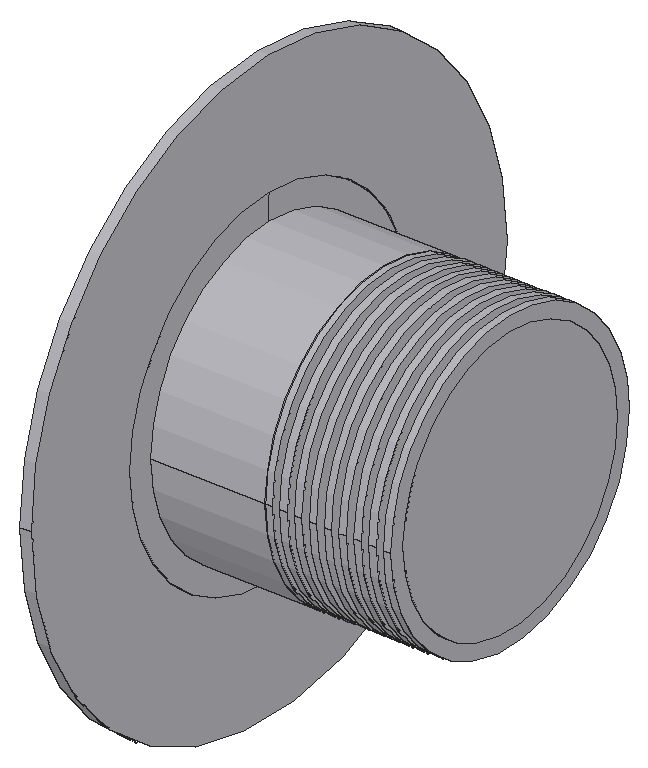
Revit family "14MPHR Clamp Rubber Hose Adapter-304", category Pipe Accessories, Revit 2018
Family settings
  Round Connector Dimension = Use Diameter
  Part Type = Valve - Breaks Into
  Work Plane-Based = No
  Always vertical = Yes
  Cut with Voids When Loaded = No
  Shared = No
Parameters (values of type "14MPHR Clamp Rubber Hose Adapter-304")
  vs2 = 0.200"  # constant formula
  vs = 0.100"  # constant formula
  void1 [instance] = size_lookup(LookupTable, "void1", 0.000", Reducd Code)  # 0.200"
  v1 = 0.093"  # constant formula
  reduced pipe radius [instance] = reduced pipe diameter / 2  # 2.000"
  reduced pipe diameter [instance] = 4.000"
  pipe radius [instance] = Nominal Diameter / 2  # 4.000"
  inset [instance] = FT1 / 2  # 0.078"
  Weight [instance] = size_lookup(LookupTable, "Weight", "NA", Reducd Code)  # "1.65 lbs."
  VR [instance] = reduced pipe radius - void1  # 1.800"
  URL = "http://www.fnw.com"
  Standards Lookup Table = "Standards"  # constant formula
  Reducd Code [instance] = Nominal 1 Code + reduced pipe diameter  # 4.000"
  R1 [instance] = size_lookup(LookupTable, "R1", 2.000", Reducd Code)  # 2.341"
  Product ID [instance] = size_lookup(LookupTable, "ProductID", "NA", Reducd Code)  # "4830497"
  Part Number [instance] = size_lookup(LookupTable, "PartNumber", "NA", Reducd Code)  # "G14MPHR74P"
  Nominal Diameter [instance] = 8"
  Nominal 1 Code [instance] = if(Nominal Diameter = 0.500", 100.000", if(Nominal Diameter = 0.750", 200.000", if(Nominal Diameter = 1.000", 300.000", if(Nominal Diameter = 1.500", 400.000", if(Nominal Diameter = 2.000", 500.000", if(Nominal Diameter = 2.500", 600.000", if(Nominal Diameter = 3.000", 700.000", if(Nominal Diameter = 4.000", 800.000", if(Nominal Diameter = 6.000", 900.000", 0.000")))))))))  # 0.000"
  LookupTable = "14MPHR"  # constant formula
  FT1 [instance] = size_lookup(LookupTable, "FT1", 4.000", Reducd Code)  # 0.156"
  Description BOM [instance] = size_lookup(LookupTable, "Description_BOM", "NA", Reducd Code)  # "4X4 304 CLMPXHOSE ADPT #7"
  Array [instance] = A / (vs * 2) / 2  # 9
  A [instance] = size_lookup(LookupTable, "A", 4.000", Reducd Code)  # 3.406"
Reference planes (in)
  plane 1 "Center (Front/Back)": y = 0
  plane 2: z = 0
  plane 3 "Center (Left/Right)": x = 0
  plane 4: z = 4
  plane 5: x = -1.703
  plane 6: x = 1.703
  plane 7: z = 2.341
  plane 8: x = -1.547
  plane 9: z = 1.8
  plane 10: z = 2
  plane 11: x = -1.625
  plane 12: x = 0.1
  plane 13: x = 0.2
  plane 14: x = 0.3
  plane 15: x = 0.4
  plane 16: x = 0.5
  plane 17: x = 0.6
  plane 18: x = 0.7
  plane 19: x = 0.8
  plane 20: x = 0.9
Forms (in)
  Extrusion 1, solid, material "Steel, Stainless"
    sketch origin (0, 0, 0) x (0, 1, 0) y (0, 0, 1)
      loop
        circle (0, 0) r 4
      loop
        circle (0, 0) r 2.341
    from -1.703 to -1.547
  Revolve 2, solid, material "Steel, Stainless"
    sketch origin (0, 0, 0) x (1, 0, 0) y (0, 0, 1)
      loop
        line (-1.625, 2.341) -> (-1.625, 2) -> (-1.547, 2) -> (-1.547, 2.341) -> (-1.625, 2.341)
      axis (-1.547, 0) -> (-1.625, 0)
    angle from 0 to 360
  Revolve 3, solid, not visible
    sketch origin (0, 0, 0) x (1, 0, 0) y (0, 0, 1)
      loop
        line (0, 0.0632) -> (0, 0) -> (1.703, 0) -> (1.703, 0.0632) -> (0, 0.0632)
      axis (0, 0) -> (1.703, 0)
    angle from 0 to 360
  Extrusion 4, solid, material "Steel, Stainless"
    sketch origin (0, 0, 0) x (0, 1, 0) y (0, 0, 1)
      loop
        circle (0, 0) r 2
    from -1.547 to 0
  Extrusion 5, solid, material "Steel, Stainless"
    sketch origin (0, 0, 0) x (0, 1, 0) y (0, 0, 1)
      loop
        circle (0, 0) r 1.8
    from 0 to 1.703
Text (in)
  text "1/2\" shown" at (2.42436, 0, -2.37906), in view "Front"
Dimensions and locks (in)
  equal spacing: plane 6, plane 3 "Center (Left/Right)", plane 5
  "A": plane 6 to plane 5
  "pipe radius": plane 4 to plane 2
  "R1": plane 7 to plane 2
  "FT1": plane 8 to plane 5
  "reduced pipe radius": plane 10 to plane 2
  "void1": plane 10 to plane 9
  "inset": plane 11 to plane 5
  Revolve 3 sketch curve to plane 2 = 0.0632"
  equal spacing: group 1, group 2, group 3, group 4, group 9, group 10, group 11, group 12, group 13  (x3)
  equal spacing: group 5, group 6, group 7, group 8, group 14, group 15, group 16, group 17, group 18  (x3)
  "pipe radius": radius of Extrusion 1 sketch curve
  "R1": radius of Extrusion 1 sketch curve
  "reduced pipe radius": radius of Extrusion 4 sketch curve
  "VR": radius of Extrusion 5 sketch curve
  aligned and locked: plane 2 to level
  aligned and locked: Extrusion 1 to plane 5
  aligned and locked: Extrusion 1 to plane 8
  aligned and locked: plane 10 to Revolve 2 sketch curve
  aligned and locked: plane 7 to Revolve 2 sketch curve
  aligned and locked: plane 11 to Revolve 2 sketch curve
  aligned and locked: Revolve 2 sketch curve to plane 8
  aligned and locked: Revolve 3 sketch curve to plane 6
  aligned and locked: plane 3 "Center (Left/Right)" to Revolve 3 sketch curve
  aligned and locked: Extrusion 4 to plane 8
  aligned and locked: plane 3 "Center (Left/Right)" to Extrusion 4
  aligned and locked: Extrusion 5 to plane 6
Automatic sketch dimensions
  Revolve 2 sketch curve to level = 0.000"
  Revolve 2 sketch curve to plane 5 = 0.26556"
  plane 11 to Revolve 2 sketch curve = 0.01479"
  Revolve 3 sketch curve to level = 0.000"  (x2)
  Revolve 3 sketch curve to plane 3 "Center (Left/Right)" = 0.05357"
  Revolve 3 sketch curve to Revolve 3 sketch curve = 0.250"
  Extrusion 1 sketch curve to Extrusion 1 sketch curve = 0.000"  (x2)
  Extrusion 1 sketch curve to level = 0.000"
  Extrusion 1 sketch curve to plane 1 "Center (Front/Back)" = 0.000"
  Extrusion 4 sketch curve to level = 0.000"
  Extrusion 4 sketch curve to plane 1 "Center (Front/Back)" = 0.000"
  Extrusion 5 sketch curve to level = 0.000"
  Extrusion 5 sketch curve to plane 1 "Center (Front/Back)" = 0.000"
Nested families (in)
  nested 1: "nested flare" at (0, 0, 0), Mt <- "vs", Rad <- "reduced pipe radius", type "nested flare"
    with Rad 2.000", Mt 0.100"
  nested 2: "nested flare" at (0.2, 0, 0), Mt <- "vs", Rad <- "reduced pipe radius", type "nested flare"
    with Rad 2.000", Mt 0.100"
  nested 3: "nested flare" at (0.4, 0, 0), Mt <- "vs", Rad <- "reduced pipe radius", type "nested flare"
    with Rad 2.000", Mt 0.100"
  nested 4: "nested flare" at (0.6, 0, 0), Mt <- "vs", Rad <- "reduced pipe radius", type "nested flare"
    with Rad 2.000", Mt 0.100"
  nested 5: "nested flare" at (0.8, 0, 0), Mt <- "vs", Rad <- "reduced pipe radius", type "nested flare"
    with Rad 2.000", Mt 0.100"
  nested 6: "nested flare" at (1, 0, 0), Mt <- "vs", Rad <- "reduced pipe radius", type "nested flare"
    with Rad 2.000", Mt 0.100"
  nested 7: "nested flare" at (1.2, 0, 0), Mt <- "vs", Rad <- "reduced pipe radius", type "nested flare"
    with Rad 2.000", Mt 0.100"
  nested 8: "nested flare" at (1.4, 0, 0), Mt <- "vs", Rad <- "reduced pipe radius", type "nested flare"
    with Rad 2.000", Mt 0.100"
  nested 9: "nested flare" at (1.6, 0, 0), Mt <- "vs", Rad <- "reduced pipe radius", type "nested flare"
    with Rad 2.000", Mt 0.100"
Connectors (in)
  piping at (-1.703, 0, 0), diameter 8, driven by "Nominal Diameter"
    settings: on Extrusion 1, index 1, connector inside diameter 24", connector length 0.000", flow factor 0, pipe flow 0 GPM, pressure drop 0.00 psi, fitting loss kfactor 0, connector angle 0.00°, fixture units 0, engagement length 0.000", angle of deflection 0.00°, flow configuration 0, flow direction 0, fitting loss method 0, system type 16, joint type 0, gender type 0, connector reference index -1, connector utility 0, adjustable connector no, is connector primary yes, connector description ""
  piping at (1.703, 0, 0), diameter 4, driven by "reduced pipe diameter"
    settings: on Revolve 3, index 2, connector inside diameter 24", connector length 0.000", flow factor 0, pipe flow 0 GPM, pressure drop 0.00 psi, fitting loss kfactor 0, connector angle 0.00°, fixture units 0, engagement length 0.000", angle of deflection 0.00°, flow configuration 0, flow direction 0, fitting loss method 0, system type 16, joint type 0, gender type 0, connector reference index -1, connector utility 0, adjustable connector no, is connector primary no, connector description ""
Definition of nested family "nested flare"
  Parameters (values of type "nested flare")
    Rad [instance] = 2.000"
    Mt [instance] = 0.71628"
  Reference planes (in)
    plane 1 "Center (Front/Back)": y = 0
    plane 2: z = 0
    plane 3 "Center (Left/Right)": x = 0
  Forms (in)
    Extrusion 1, solid
      sketch origin (0, 0, 0) x (0, 1, 0) y (0, 0, 1)
        loop
          circle (0, 0) r 2
      from 0 to 0.71628
  Lines and regions (in)
    reference lines
      curve 1: line (-2.25, 0, 0) -> (5.25, 0, 0)
      curve 2: line (0, 0, 3.5) -> (0, 0, -5.25)
  Dimensions and locks (in)
    "Mt": Extrusion 1 to plane 3 "Center (Left/Right)"
    "Rad": radius of Extrusion 1 sketch curve
    aligned and locked: plane 2 to level
    aligned and locked: curve 1 to plane 2
    aligned and locked: curve 2 to plane 3 "Center (Left/Right)"
  Automatic sketch dimensions
    curve 1 to plane 3 "Center (Left/Right)" = 2.250"
    plane 3 "Center (Left/Right)" to curve 1 = 5.250"
    curve 2 to level = 5.250"
    level to curve 2 = 3.500"
    Extrusion 1 sketch curve to level = 0.000"
    Extrusion 1 sketch curve to plane 1 "Center (Front/Back)" = 0.000"
